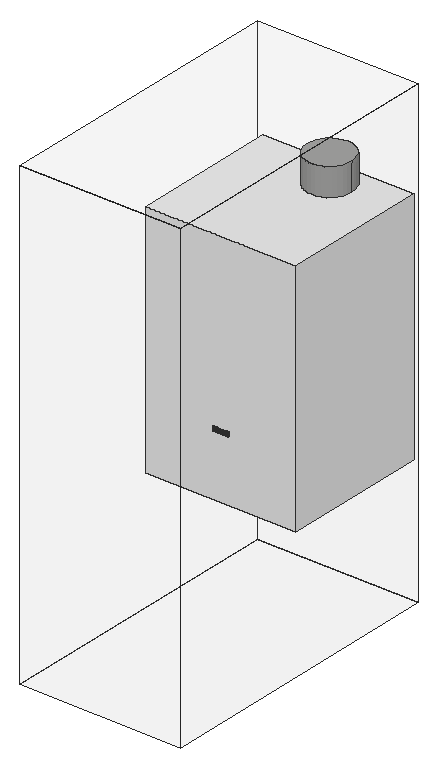
Revit family "Sirius_two_WH_110kW_LOD-3", category Mechanical Equipment, Revit 2014
Parameters (values of type "110kW")
  Weekly = "0"
  Water Treatment Required = yes
  Water Content = 10.0 L
  Warranty ID = "See manufacturers website for warranty options and T&C's"
  Voltage = 230 V
  Uniclass2015 = "Pr_60_60_08"
  URL = ""
  Type = ""
  Turndown Ratio = "9:1"
  Supply Phase = 1
  Starting Current = 0 A
  Sound Pressure Level = "63 dBA"
  Shipping Weight = 103.00 kg
  Shape = "Rectangular (Vertical)"
  Safety Valve Connection Type = "Threaded"
  Safety Valve Connection Size = 19.05 mm
  Responsible Sourcing of Materials = "0"
  Responsible Extraction of Materials = "0"
  Reference Standard = "ISO 9001; ISO 14001"
  Rated Output = 85000 W
  Rated Criteria = "80/60"
  Quarterly = "0"
  Product Range = "Sirius two WH (110kW)"
  Product Model Number = "5138532"
  Product Literature = "http://www.pottertoncommercial.co.uk/products/stainless-steel/sirius-two-wh.htm"
  Primary Fuel = "Gas - NG"
  Overall Width = 600 mm
  Overall Length = 584 mm
  Overall Height = 952 mm
  Optional Fuel = "Gas - LPG"
  Operation and Maintenance Manual = "http://www.pottertoncommercial.co.uk/products/stainless-steel/sirius-two-wh.htm"
  Oil Consumption rate = 0
  Nominal Oil Inlet Pressure = 0.0 bar
  Nominal Gas Inlet Pressure = 0.02 bar
  NOx Emissions = "22 mg/kWh"
  Mounting = "Wall Mounted"
  Monthly = "0"
  Model = "SIRIUS two WH70"  # constant formula
  Minimum Power Consumption = 18 W
  Minimum Operating Pressure = 1.0 bar
  Minimum Oil Inlet Pressure = 0.0 bar
  Minimum Gas Inlet Pressure = 0.018 bar
  Minimum Flow Rate at 20C temperature differential = 1.220 L/s
  Minimum Flow Rate at 11C temperature differential = 1.630 L/s
  Maximum Power Consumption = 165 W
  Maximum Operating Pressure = 4.0 bar
  Maximum Oil Inlet Pressure = 0.0 bar
  Maximum Gas Inlet Pressure = 0.0 bar
  Material Ingredient Reporting = "0"
  Manufacturer Website = "http://www.pottertoncommercial.co.uk/index.htm"
  Manufacturer = "Potterton Commercial"  # constant formula
  Maintenance Required 8001 to 12000hrs = "0"
  Maintenance Required 601 to 1000hrs = "0"
  Maintenance Required 4001 to 8000hrs = "0"
  Maintenance Required 301 to 600hrs = "0"
  Maintenance Required 2001 to 4000hrs = "0"
  Maintenance Required 1001 to 2000hrs = "0"
  Maintenance Required 0 to 300hrs = "0"
  Location of Manufacturer = "0"
  Life Cycle Analysis = "0"
  Interlocks = yes
  IfcExportType = "NOTDEFINED"  # constant formula
  IfcExportAs = "IfcBoilerType"  # constant formula
  IP Rating = "IPX5D"
  IK Rating = "0"
  Hydraulic Resistance at 20C temperature differential = 0.022 bar
  Hydraulic Resistance at 11C temperature differential = 0.036 bar
  Heater Operation = "Condensing"
  Heat Exchanger Material = "Stainless Steel"
  Gross Weight = 93.00 kg
  Green Guide for Specification = "0"
  Gas Consumption rate = "11.1 m3/h"
  Fuse Rating = 0 A
  Full Load Current = 0 A
  Fuel Connection Type = "Threaded"
  Fuel Connection Size = 645.16 mm
  Frequency = 50 Hz
  Flue or Air Intake Classification = "C13; C33; B23"
  Flue Connection size = 110 mm
  Flow and Return Connection Type = "Threaded"
  Flow and Return Connection Size = 967.74 mm
  Finish = "Powder coated"
  Features = "Wall hung boiler, stainless steel heat exchanger, 9:1 modulation, integral pump option"
  External Material = "Steel"
  Expected Life = ">10 years"
  ErP Seasonal Efficiency = "0 %"
  ErP Rated Efficiency at Part Load = "96.8 %"
  ErP Rated Efficiency at Full Load = "87.6 %"
  ErP Energy Label = "0"
  Environmental Product Declaration = "0"
  Energy Technology List = "https://etl.decc.gov.uk/engetl/fox/live/ETL_PUBLIC_PRODUCT_SEARCH/product?PROD_ID=72397"
  Embodied Carbon = "0"
  Drain Connection Type = "Plain"
  Drain Connection Size = 0 mm
  Description = ""
  Daily = "0"
  Control Type = "Optimised, modulating, weather compensating, BMS compatible"
  Configuration = "Single boiler"
  Condensate Drain Type = "Plain"
  Condensate Drain Size = 22 mm
  Colour = "White"
  Clearance Box Visibility [instance] = yes
  CE Mark = "CE-0085CM0128"
  Burner Control Type = "Modulating"
  Building Regulations Seasonal Efficiency = "96.6 %"
  Bespoke Timeframe = "0"
  BMS Links = yes
  Annually = "Annual service according to manufacturers guidance."
  Air Inlet Connection Size = 160 mm
  Additional Technical Details = "http://www.pottertoncommercial.co.uk/products/stainless-steel/sirius-two-wh.htm"
  Access Clearance Top = 400 mm
  Access Clearance Right = 20 mm
  Access Clearance Rear = 0 mm
  Access Clearance Left = 20 mm
  Access Clearance Front = 600 mm
  Access Clearance Bottom = 500 mm
  6 Monthly = "0"
Reference planes
  plane 1 "Center (Front/Back)": y = 0
  plane 2: z = 0
  plane 3 "Center (Left/Right)": x = 0
Forms (mm)
  Extrusion 1, solid, material "Potterton Sirius WH - Cover"
    sketch origin (0, 0, 0) x (1, 0, 0) y (0, 1, 0)
      loop
        line (-300, 0) -> (-300, -584) -> (300, -584) -> (300, 0) -> (292, 0) -> (292, -554) -> (-292, -554) -> (-292, 0) -> (-300, 0)
    from 0 to 951
  Extrusion 2, solid, material "Potterton Sirius FS - Logo"
    sketch origin (-369.668, -583.852, 160.982) x (1, 0, 0) y (0, 0, 1)
      loop
        arc (342.971, 100.811) -> (344.366, 99.416) -> (342.971, 98.02) r 1.395
        line (342.971, 98.02) -> (339.501, 98.02) -> (339.501, 93.964) -> (341.208, 93.964) -> (341.208, 96.293) -> (342.971, 96.293)
        arc (342.971, 96.293) -> (344.738, 96.848) -> (345.87, 98.315) r 3.088
        arc (345.87, 98.315) -> (351.536, 94.006) -> (353.627, 100.811) r 4.341
        line (353.627, 100.811) -> (355.933, 100.811) -> (355.933, 93.964) -> (357.701, 93.964) -> (357.701, 100.811) -> (361.06, 100.811) -> (361.06, 93.964) -> (362.813, 93.964) -> (362.813, 100.811) -> (366.054, 100.811) -> (366.054, 93.964) -> (372.032, 93.964) -> (372.032, 95.63) -> (367.807, 95.63) -> (367.807, 97.433) -> (371.262, 97.433)
        arc (371.262, 97.433) -> (372.08, 98.251) -> (371.262, 99.069) r 0.818
        line (371.262, 99.069) -> (367.807, 99.069) -> (367.807, 100.811) -> (375.58, 100.811)
        arc (375.58, 100.811) -> (376.451, 99.94) -> (375.58, 99.069) r 0.871
        line (375.58, 99.069) -> (373.302, 99.069)
        arc (373.302, 99.069) -> (372.52, 98.49) -> (372.845, 97.573) r 0.818
        line (372.845, 97.573) -> (381.32, 91.867)
        arc (381.32, 91.867) -> (382.144, 91.832) -> (382.566, 92.541) r 0.805
        line (382.566, 92.541) -> (382.566, 100.811) -> (385.072, 100.811)
        arc (385.072, 100.811) -> (386.619, 94.222) -> (392.72, 97.151) r 4.341
        line (392.72, 97.151) -> (392.72, 93.964) -> (394.487, 93.964) -> (394.487, 99.069) -> (398.739, 94.236)
        arc (398.739, 94.236) -> (399.755, 93.983) -> (400.351, 94.844) r 0.921
        line (400.351, 94.844) -> (400.351, 101.682)
        arc (400.351, 101.682) -> (399.452, 102.581) -> (398.554, 101.682) r 0.899
        line (398.554, 101.682) -> (398.554, 97.165) -> (394.162, 102.301)
        arc (394.162, 102.301) -> (393.255, 102.537) -> (392.72, 101.768) r 0.819
        line (392.72, 101.768) -> (392.72, 99.124)
        arc (392.72, 99.124) -> (391.302, 101.447) -> (388.78, 102.469) r 4.341
        line (388.78, 102.469) -> (379.034, 102.469)
        arc (379.034, 102.469) -> (378.205, 101.64) -> (379.034, 100.811) r 0.829
        line (379.034, 100.811) -> (380.772, 100.811) -> (380.772, 94.179) -> (375.58, 97.707)
        arc (375.58, 97.707) -> (377.961, 100.088) -> (375.58, 102.469) r 2.381
        line (375.58, 102.469) -> (353.905, 102.469)
        arc (353.905, 102.469) -> (353.223, 102.111) -> (353.129, 101.347) r 0.829
        arc (353.129, 101.347) -> (349.064, 102.325) -> (346.059, 99.418) r 4.341
        arc (346.059, 99.418) -> (345.142, 101.577) -> (342.971, 102.469) r 3.088
        line (342.971, 102.469) -> (339.417, 102.469)
        arc (339.417, 102.469) -> (338.587, 101.64) -> (339.417, 100.811) r 0.829
        line (339.417, 100.811) -> (342.971, 100.811)
      loop
        line (384.051, 92.773) -> (384.051, 91.973) -> (400.157, 91.973) -> (400.157, 92.773) -> (384.051, 92.773)
      loop
        line (339.501, 92.773) -> (339.501, 91.973) -> (378.488, 91.973) -> (378.488, 92.773) -> (339.501, 92.773)
      loop
        arc (340.058, 88.937) -> (338.522, 87.401) -> (340.058, 85.864) r 1.537
        line (340.058, 85.864) -> (399.258, 85.864)
        arc (399.258, 85.864) -> (400.795, 87.401) -> (399.258, 88.937) r 1.537
        line (399.258, 88.937) -> (340.058, 88.937)
      loop
        circle (350.207, 98.138) r 2.591
      loop
        circle (342.971, 99.416) r 0.875
      loop
        circle (388.493, 98.138) r 2.591
    from 0.148 to 1
  Sweep 3, solid
    path origin (0, 0, 0) x (1, 0, 0) y (0, 0, 1)
      loop
        line (0, 951) -> (0, 1061)
    profile origin (0, 0, 1006) x (-1, 0, 0) y (0, -1, 0)
      loop
        circle (-54.5, 112) r 90
  Extrusion 4, solid, material "Potterton Sirius WH - Cover"
    sketch origin (0, 0, 0) x (1, 0, 0) y (0, 1, 0)
      loop
        line (-292, 0) -> (-292, -554) -> (292, -554) -> (292, 0) -> (-292, 0)
    from 55 to 951
  Sweep 5, solid
    path origin (0, 0, 0) x (1, 0, 0) y (0, 0, 1)
      loop
        line (0, 55) -> (0, 30)
    profile origin (0, 0, 42.5) x (0, -1, 0) y (1, 0, 0)
      loop
        circle (95, 102) r 19.05
      loop
        circle (95, 2) r 19.05
      loop
        circle (95, -98) r 12.7
      loop
        circle (95, -198) r 24
  Extrusion 6, solid, material "Glass - Clear - Amber", visible <- "Clearance Box Visibility"
    sketch origin (0, 0, 0) x (1, 0, 0) y (0, 1, 0)
      loop
        line (-320, 0) -> (-320, -1184) -> (320, -1184) -> (320, 0) -> (-320, 0)
    from -500 to 1351
Cuts and joins
  joined: Extrusion 1, Extrusion 4
Dimensions and locks
  Sweep 3 sketch curve to profile plane = 112 mm
  Sweep 5 sketch curve to cut or joined group of Extrusion 1, Extrusion 4 = 198 mm
  locked: Sweep 5 sketch curve to plane 1 "Center (Front/Back)" at 95
  Sweep 5 sketch curve to Sweep 5 sketch curve = 100 mm
  locked: Sweep 5 sketch curve to Sweep 5 sketch curve at 100
  cut or joined group of Extrusion 1, Extrusion 4 to Sweep 5 sketch curve = 102 mm
  cut or joined group of Extrusion 1, Extrusion 4 to Sweep 5 sketch curve = 30 mm
  aligned and locked: level to plane 2
  aligned and locked: plane 1 "Center (Front/Back)" to Extrusion 1 sketch curve
  aligned and locked: Extrusion 1 to level
  aligned and locked: Extrusion 4 sketch curve to cut or joined group of Extrusion 1, Extrusion 4  (x3)
  aligned and locked: Sweep 5 sketch curve to cut or joined group of Extrusion 1, Extrusion 4
  aligned and locked: Sweep 5 sketch curve to plane 3 "Center (Left/Right)"
  aligned and locked: plane 1 "Center (Front/Back)" to Extrusion 6 sketch curve
  aligned and locked: cut or joined group of Extrusion 1, Extrusion 4 to Sweep 3 sketch curve
Connectors
  piping at (2, -95, 30), diameter 38.1
    settings: on Sweep 5, index 1, connector inside diameter 609.6 mm, connector length 0 mm, flow factor 0, pipe flow 0.000 L/s, pressure drop 0.0 bar, fitting loss kfactor 0, connector angle 0.00°, fixture units 0, engagement length 0 mm, angle of deflection 0.00°, flow configuration 1, flow direction 2, fitting loss method 0, system type 7, joint type 0, gender type 0, connector reference index -1, connector utility 0, adjustable connector no, is connector primary yes, connector description "Supply"
  piping at (102, -95, 30), diameter 38.1
    settings: on Sweep 5, index 2, connector inside diameter 609.6 mm, connector length 0 mm, flow factor 0, pipe flow 0.000 L/s, pressure drop 0.0 bar, fitting loss kfactor 0, connector angle 0.00°, fixture units 0, engagement length 0 mm, angle of deflection 0.00°, flow configuration 0, flow direction 1, fitting loss method 0, system type 8, joint type 0, gender type 0, connector reference index -1, connector utility 0, adjustable connector no, is connector primary no, connector description "Return"
  piping at (-98, -95, 30), diameter 25.4
    settings: on Sweep 5, index 3, connector inside diameter 609.6 mm, connector length 0 mm, flow factor 0, pipe flow 0.000 L/s, pressure drop 0.0 bar, fitting loss kfactor 0, connector angle 0.00°, fixture units 0, engagement length 0 mm, angle of deflection 0.00°, flow configuration 1, flow direction 1, fitting loss method 0, system type 22, joint type 0, gender type 0, connector reference index -1, connector utility 0, adjustable connector no, is connector primary no, connector description "Gas"
  piping at (-198, -95, 30), diameter 48
    settings: on Sweep 5, index 4, connector inside diameter 609.6 mm, connector length 0 mm, flow factor 0, pipe flow 0.000 L/s, pressure drop 0.0 bar, fitting loss kfactor 0, connector angle 0.00°, fixture units 0, engagement length 0 mm, angle of deflection 0.00°, flow configuration 1, flow direction 2, fitting loss method 0, system type 22, joint type 0, gender type 0, connector reference index -1, connector utility 0, adjustable connector no, is connector primary no, connector description "Drain"
  hvac at (54.5, -112, 1061)
    settings: on Sweep 3, index 6, duct flow 0.0 m³/h, flow factor 0, pres drop 0.0 bar, loss coef 0, conn angle 0.00°, conn width 304.8 mm, conn height 304.8 mm, conn diameter 160 mm, duct sys type 3, conn prof type 0, flow config 1, flow direction 2, loss method 0, conn ref index -1, conn util no, is conn primary yes, conn desc "Flue"
